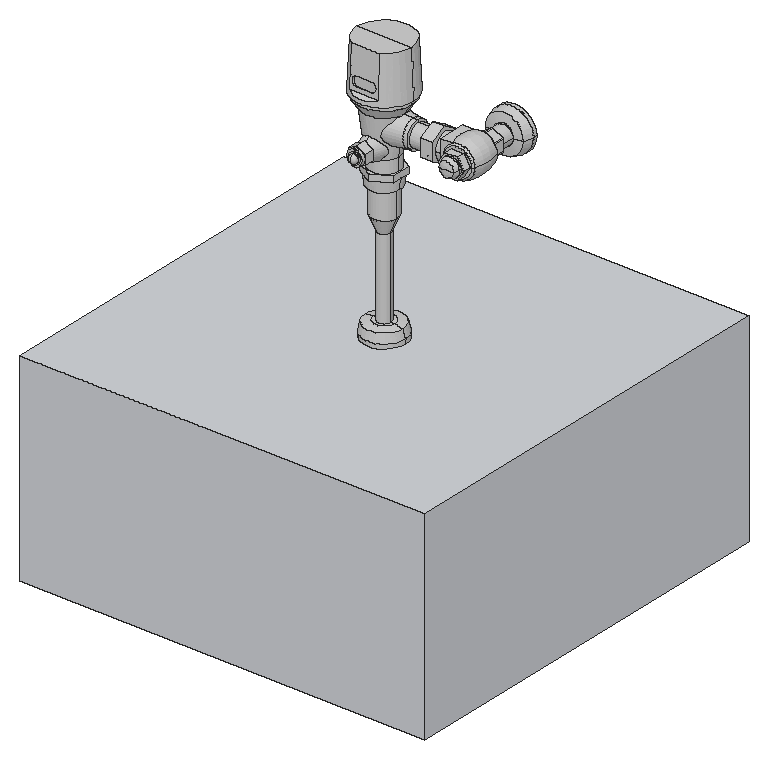
Revit family
Parameters
  Width = 0' - 8 1/4"
  Waste Connection = no
  WFU = 0
  Vent Connection = no
  Valve Type = "3/4” IPS angle stop (vandal resistant)"
  URL = "www.moencommercial.com"
  Sensor Type = "Infrared"
  Power Source = "Battery (4xAA)"
  Model = "8315"
  Manufacturer = "Moen"
  Length = 0' - 6 1/4"
  Keynote = "15410"
  Height = 1' - 4"
  HWFU = 0
  HW Connection = no
  Flush Rate = "0.5 GPF"
  Finish = Moen-Chrome
  Domestic Water Flow Rate = 3 GPM
  Documentation Link = "http://www.moen.com/shared/pdf/commercial/8315sp.pdf"
  Description = "3/4 “ Battery Powered Exposed Style Urinal Flush Valve"
  Default Elevation = 1' - 6"
  Cold Water Connection Diameter = 0' 0 3/4"  # 3/4"
  CWFU = 2  # constant formula
  Assembly Code = "D2010200"
  ADA Compliant = yes
Reference planes (in)
  plane 1 "Center (Front/Back)": y = 0
  plane 2: z = 0
  plane 3 "Center (Left/Right)": x = 0
  plane 4: z = 16
  plane 5 "Wall Line": y = 3.52
Forms (in)
  Extrusion 1, solid
    sketch origin (0, 0, 0) x (1, 0, 0) y (0, 1, 0)
      loop
        line (-12, 12) -> (-12, -12) -> (12, -12) -> (12, 12) -> (-12, 12)
    from 0 to -12
Lines and regions (in)
  Masking region 1
    outline origin (0, 0, 0) x (1, 0, 0) y (0, 1, 0)
      loop
        arc (0.5, -1.67705) -> (1.11174, -1.35149) -> (1.54916, -0.81401) r 1.75
        line (1.54916, -0.81401) -> (1.72, -0.79) -> (2, -0.79) -> (2, -0.66115) -> (2.89, -0.66115) -> (2.89, -0.875) -> (3.6, -0.875) -> (3.6, -0.75034) -> (3.92882, -0.75034) -> (4.019, -0.75034) -> (4.019, -0.8) -> (4.16104, -0.8) -> (4.259, -0.93) -> (4.37731, -0.93) -> (4.37731, -1.4) -> (4.549, -1.4) -> (4.549, -1.51) -> (4.669, -1.76)
        arc (4.669, -1.76) -> (5.099, -1.84106) -> (5.529, -1.76) r 1.18106
        line (5.529, -1.76) -> (5.649, -1.51) -> (5.649, -1.4) -> (5.82069, -1.4) -> (5.82069, -0.93) -> (5.939, -0.93) -> (6.039, -0.8)
        arc (6.039, -0.8) -> (6.15693, 0) -> (6.039, 0.8) r 2.77234
        line (6.039, 0.8) -> (5.899, 0.8) -> (5.799, 0.9) -> (5.799, 1.03) -> (5.719, 1.03) -> (5.719, 1.66) -> (5.6614, 1.66) -> (5.6614, 2.46) -> (5.724, 2.46) -> (6.229, 2.55) -> (6.379, 3.08) -> (6.379, 3.32) -> (3.819, 3.32) -> (3.819, 3.08) -> (3.969, 2.55) -> (4.474, 2.46) -> (4.539, 2.46) -> (4.539, 1.66) -> (4.479, 1.66) -> (4.479, 1.03) -> (4.399, 1.03) -> (4.399, 0.9) -> (4.299, 0.8) -> (4.019, 0.8) -> (4.019, 0.75034) -> (3.92882, 0.75034) -> (3.6, 0.75034) -> (3.6, 0.875) -> (2.89, 0.875) -> (2.89, 0.66115) -> (2, 0.66115) -> (2, 0.79) -> (1.72, 0.79) -> (1.54916, 0.81401)
        arc (1.54916, 0.81401) -> (-1.35149, 1.11174) -> (-0.5, -1.67705) r 1.75
        line (-0.5, -1.67705) -> (-0.5, -2.02) -> (-0.45, -2.02) -> (-0.45, -2.19) -> (-0.32, -2.19) -> (-0.32, -2.26) -> (-0.23516, -2.26)
        arc (-0.23516, -2.26) -> (0, -2.49516) -> (0.23516, -2.26) r 0.23516
        line (0.23516, -2.26) -> (0.32, -2.26) -> (0.32, -2.19) -> (0.45, -2.19) -> (0.45, -2.02) -> (0.5, -2.02) -> (0.5, -1.67705)
  symbolic lines
    curve 1: arc (0.82755, -1.37317, 0) -> (0, 1.60326, 0) -> (-0.82755, -1.37317, 0) r 1.60326
    curve 2: line (-0.82755, -1.37317, 0) -> (0.82755, -1.37317, 0)
    curve 3: spline (0.5, -1.66469, 0) -> (0.41968, -1.68713, 0) -> (0.33773, -1.70562, 0) -> (0.25446, -1.72007, 0) -> (0.17019, -1.73043, 0) -> (0.08526, -1.73667, 0) -> (0, -1.73875, 0) -> (-0.08526, -1.73667, 0) -> (-0.17019, -1.73044, 0) -> (-0.25446, -1.72007, 0) -> (-0.33773, -1.70562, 0) -> (-0.41968, -1.68714, 0) -> (-0.5, -1.66469, 0)
    curve 4: line (-0.45, -2.02, 0) -> (0.45, -2.02, 0)
    curve 5: line (0.3164, -2.19, 0) -> (-0.32327, -2.19, 0)
    curve 6: line (2, -0.66, 0) -> (2, 0.66, 0)
    curve 7: line (2.89, 0.66, 0) -> (2.89, -0.66, 0)
    curve 8: line (3.6, -0.75, 0) -> (3.6, 0.75, 0)
    curve 9: arc (1.54916, -0.81401, 0) -> (1.75, 0, 0) -> (1.54916, 0.81401, 0) r 1.75
    curve 10: line (0.86209, -1.5, 0) -> (-0.86209, -1.5, 0)
    curve 11: line (0.82755, -1.37317, 0) -> (0.86209, -1.5, 0)
    curve 12: line (-0.86209, -1.5, 0) -> (-0.82755, -1.37317, 0)
    curve 13: line (-0.23516, -2.26, 0) -> (0.24, -2.26, 0)
    curve 14: arc (4.71823, -0.8, 0) -> (4.46481, 0, 0) -> (4.71823, 0.8, 0) r 1.38942
    curve 15: line (4.73816, -0.93, 0) -> (4.73816, -1.4, 0)
    curve 16: line (5.45984, -0.93, 0) -> (5.45984, -1.4, 0)
    curve 17: line (5.529, -1.76, 0) -> (4.669, -1.76, 0)
    curve 18: line (5.649, -1.51, 0) -> (4.549, -1.51, 0)
    curve 19: line (4.50758, 1.66, 0) -> (4.50758, 1.03, 0)
    curve 20: line (5.07042, 1.03, 0) -> (5.07042, 1.66, 0)
    curve 21: line (5.07042, 1.03, 0) -> (4.50758, 1.03, 0)
    curve 22: line (5.12758, 1.66, 0) -> (5.12758, 1.03, 0)
    curve 23: line (5.69042, 1.03, 0) -> (5.12758, 1.03, 0)
    curve 24: line (5.69042, 1.03, 0) -> (5.69042, 1.66, 0)
    curve 25: line (5.799, 0.9, 0) -> (4.399, 0.9, 0)
    curve 26: line (6.229, 2.55, 0) -> (3.969, 2.55, 0)
    curve 27: line (6.379, 3.08, 0) -> (3.819, 3.08, 0)
    curve 28: line (4.019, 0.75034, 0) -> (4.019, -0.75, 0)
    curve 29: line (4.549, -1.4, 0) -> (5.649, -1.4, 0)
    curve 30: line (4.37731, -0.93, 0) -> (5.82069, -0.93, 0)
    curve 31: line (4.159, -0.8, 0) -> (6.039, -0.8, 0)
    curve 32: line (4.299, 0.8, 0) -> (5.899, 0.8, 0)
    curve 33: line (4.539, 1.66, 0) -> (5.659, 1.66, 0)
    curve 34: line (4.539, 2.46, 0) -> (5.6614, 2.46, 0)
Text (in)
  text "Height Parameter does not control Model geometry.  If you need to change the size of the model, select the correct model number." at (1.70246, 0, 22.99516), in view "Front"
Dimensions and locks (in)
  "Height": plane 4 to plane 2
  aligned and locked: plane 2 to Extrusion 1
  aligned and locked: level to Extrusion 1
  aligned: plane 1 "Center (Front/Back)" to nested 3
  aligned: nested 3 to nested 2
  aligned: nested 3 to nested 3
  aligned and locked: nested 1 to plane 2
  aligned and locked: nested 2 to nested 1
  aligned and locked: plane 3 "Center (Left/Right)" to nested 2
  aligned and locked: nested 3 to nested 2
  aligned and locked: plane 1 "Center (Front/Back)" to nested 3
  aligned and locked: nested 2 to nested 3
  aligned and locked: plane 5 "Wall Line" to nested 3
Automatic sketch dimensions
  Extrusion 1 sketch curve to Extrusion 1 sketch curve = 2' - 0"  (x2)
  Masking region 1 sketch curve to Masking region 1 sketch curve = 0' - 0"  (x3)
  plane 1 "Center (Front/Back)" to Masking region 1 sketch curve = 0' - 0"  (x2)
  Masking region 1 sketch curve to plane 3 "Center (Left/Right)" = 0' - 0"  (x2)
  Masking region 1 sketch curve to plane 3 "Center (Left/Right)" = 0' - 0.23516"
  Masking region 1 sketch curve to Masking region 1 sketch curve = 0' - 0.08484"  (x2)
  Masking region 1 sketch curve to Masking region 1 sketch curve = 0' - 0.13"  (x5)
  Masking region 1 sketch curve to Masking region 1 sketch curve = 0' - 0.05"  (x2)
  Masking region 1 sketch curve to Masking region 1 sketch curve = 0' - 1.04916"
  plane 3 "Center (Left/Right)" to Masking region 1 sketch curve = 0' - 1.54916"
  plane 1 "Center (Front/Back)" to Masking region 1 sketch curve = 0' - 0.79"
  Masking region 1 sketch curve to Masking region 1 sketch curve = 0' - 0.17084"  (x2)
  Masking region 1 sketch curve to plane 1 "Center (Front/Back)" = 0' - 0.79"
  Masking region 1 sketch curve to Masking region 1 sketch curve = 0' - 0.28"  (x3)
  Masking region 1 sketch curve to Masking region 1 sketch curve = 0' - 0.89"  (x2)
  Masking region 1 sketch curve to Masking region 1 sketch curve = 0' - 0.49459"
  Masking region 1 sketch curve to Masking region 1 sketch curve = 0' - 0.71"  (x2)
  Masking region 1 sketch curve to plane 5 "Wall Line" = 0' - 0.44"
  Masking region 1 sketch curve to Masking region 1 sketch curve = 0' - 0.219"
  Masking region 1 sketch curve to Masking region 1 sketch curve = 0' - 0.32882"  (x2)
  Masking region 1 sketch curve to plane 5 "Wall Line" = 0' - 0.97"
  Masking region 1 sketch curve to Masking region 1 sketch curve = 0' - 0.09018"  (x2)
  plane 1 "Center (Front/Back)" to Masking region 1 sketch curve = 0' - 0.8"
  Masking region 1 sketch curve to Masking region 1 sketch curve = 0' - 0.14204"
  plane 1 "Center (Front/Back)" to Masking region 1 sketch curve = 0' - 0.93"
  Masking region 1 sketch curve to Masking region 1 sketch curve = 0' - 0.09796"
  Masking region 1 sketch curve to plane 1 "Center (Front/Back)" = 0' - 0.8"
  Masking region 1 sketch curve to Masking region 1 sketch curve = 0' - 0.11831"  (x2)
  Masking region 1 sketch curve to Masking region 1 sketch curve = 0' - 0.1"  (x4)
  Masking region 1 sketch curve to Masking region 1 sketch curve = 0' - 0.08"  (x2)
  Masking region 1 sketch curve to Masking region 1 sketch curve = 0' - 0.065"
  Masking region 1 sketch curve to Masking region 1 sketch curve = 0' - 1.1224"
  Masking region 1 sketch curve to Masking region 1 sketch curve = 0' - 0.0576"
  Masking region 1 sketch curve to plane 5 "Wall Line" = 0' - 1.06"
  Masking region 1 sketch curve to Masking region 1 sketch curve = 0' - 0.0626"
  Masking region 1 sketch curve to plane 1 "Center (Front/Back)" = 0' - 0.9"
  Masking region 1 sketch curve to Masking region 1 sketch curve = 0' - 0.17169"  (x2)
  Masking region 1 sketch curve to Masking region 1 sketch curve = 0' - 0.505"  (x2)
  Masking region 1 sketch curve to plane 5 "Wall Line" = 0' - 0.2"
  Masking region 1 sketch curve to Masking region 1 sketch curve = 0' - 0.47"
  Masking region 1 sketch curve to Masking region 1 sketch curve = 0' - 0.11"  (x2)
  plane 1 "Center (Front/Back)" to Masking region 1 sketch curve = 0' - 1.67705"
  Masking region 1 sketch curve to Masking region 1 sketch curve = 0' - 0.34295"  (x2)
  Masking region 1 sketch curve to Masking region 1 sketch curve = 0' - 0.17"  (x2)
  Masking region 1 sketch curve to Masking region 1 sketch curve = 0' - 0.07"
  plane 1 "Center (Front/Back)" to Masking region 1 sketch curve = 0' - 0 7/8"
  Masking region 1 sketch curve to Masking region 1 sketch curve = 0' - 0.12466"
  Masking region 1 sketch curve to Masking region 1 sketch curve = 0' - 0.21385"  (x2)
  Masking region 1 sketch curve to plane 1 "Center (Front/Back)" = 0' - 0.66115"
  Masking region 1 sketch curve to Masking region 1 sketch curve = 0' - 0.04966"
  Masking region 1 sketch curve to Masking region 1 sketch curve = 0' - 0.63"  (x2)
  Masking region 1 sketch curve to Masking region 1 sketch curve = 0' - 0.15"  (x2)
  Masking region 1 sketch curve to Masking region 1 sketch curve = 0' - 0.09"  (x2)
  Masking region 1 sketch curve to Masking region 1 sketch curve = 0' - 0.24"
  Masking region 1 sketch curve to Masking region 1 sketch curve = 0' - 0.14"
  plane 1 "Center (Front/Back)" to Masking region 1 sketch curve = 0' - 0.66"
  Masking region 1 sketch curve to Masking region 1 sketch curve = 0' - 0.72169"
  Masking region 1 sketch curve to Masking region 1 sketch curve = 0' - 0.83"
  Masking region 1 sketch curve to Masking region 1 sketch curve = 0' - 0.12"  (x2)
  plane 1 "Center (Front/Back)" to Masking region 1 sketch curve = 0' - 1.76"
  Masking region 1 sketch curve to Masking region 1 sketch curve = 0' - 0 1/4"  (x2)
  curve 1 to curve 9 = 0' - 0"  (x2)
  plane 1 "Center (Front/Back)" to curve 1 = 0' - 0"
  curve 1 to plane 3 "Center (Left/Right)" = 0' - 0"
  curve 3 to plane 3 "Center (Left/Right)" = 0' - 0"
  curve 13 to plane 3 "Center (Left/Right)" = 0' - 0.23516"
  curve 5 to curve 13 = 0' - 0.08811"
  curve 4 to curve 5 = 0' - 0.12673"
  curve 3 to curve 4 = 0' - 0.05"
  curve 1 to curve 3 = 0' - 0.32755"
  curve 10 to curve 2 = 0' - 0.03454"
  curve 3 to curve 1 = 0' - 0.53784"
  plane 3 "Center (Left/Right)" to curve 13 = 0' - 0.24"
  curve 13 to curve 5 = 0' - 0.0764"
  curve 5 to curve 4 = 0' - 0.1336"
  curve 4 to curve 3 = 0' - 0.05"
  curve 2 to curve 11 = 0' - 0.03454"
  curve 2 to curve 9 = 0' - 0.72161"
  curve 9 to plane 1 "Center (Front/Back)" = 0' - 0.81401"
  plane 3 "Center (Left/Right)" to curve 9 = 0' - 1.54916"
  curve 9 to curve 6 = 0' - 0.45084"
  curve 6 to curve 7 = 0' - 0.89"
  curve 7 to curve 8 = 0' - 0.71"
  curve 27 to plane 5 "Wall Line" = 0' - 0.44"
  curve 8 to curve 27 = 0' - 0.219"
  curve 27 to curve 26 = 0' - 0.15"
  curve 8 to curve 28 = 0' - 0.419"
  curve 28 to curve 31 = 0' - 0.14"
  curve 28 to curve 32 = 0' - 0.28"
  curve 31 to curve 30 = 0' - 0.21831"
  curve 32 to curve 25 = 0' - 0.1"  (x2)
  curve 25 to curve 19 = 0' - 0.10858"
  curve 26 to curve 34 = 0' - 0.57"
  curve 19 to curve 33 = 0' - 0.03142"
  curve 30 to curve 29 = 0' - 0.17169"
  curve 18 to curve 29 = 0' - 0"
  curve 18 to curve 17 = 0' - 0.12"
  curve 30 to curve 14 = 0' - 0.34092"
  curve 19 to curve 14 = 0' - 0.21066"
  curve 29 to curve 15 = 0' - 0.18916"
  curve 14 to curve 20 = 0' - 0.35219"
  curve 20 to curve 22 = 0' - 0.05715"
  curve 15 to curve 16 = 0' - 0.72169"
  curve 16 to curve 17 = 0' - 0.06916"
  curve 16 to curve 18 = 0' - 0.18916"
  curve 29 to curve 18 = 0' - 0"
  curve 22 to curve 33 = 0' - 0.53142"
  curve 33 to curve 34 = 0' - 0.0024"
  curve 22 to curve 24 = 0' - 0.56285"
  curve 23 to curve 25 = 0' - 0.10858"
  curve 16 to curve 30 = 0' - 0.36084"
  plane 1 "Center (Front/Back)" to curve 14 = 0' - 0"
  curve 25 to curve 14 = 0' - 0.05523"
  curve 25 to curve 32 = 0' - 0.1"
  curve 30 to curve 31 = 0' - 0.21831"
  curve 34 to curve 26 = 0' - 0.5676"
  curve 26 to curve 27 = 0' - 0.15"
  plane 1 "Center (Front/Back)" to curve 15 = 0' - 0.93"
  curve 1 to curve 9 = 0' - 0.55916"
  curve 16 to curve 16 = 0' - 0.47"
  curve 10 to curve 2 = 0' - 0.12683"
  curve 18 to curve 29 = 0' - 0.11"
  curve 3 to curve 10 = 0' - 0.16469"
  curve 17 to curve 18 = 0' - 0 1/4"
  curve 4 to curve 3 = 0' - 0.35531"
  curve 5 to curve 4 = 0' - 0.17"
  curve 13 to curve 5 = 0' - 0.07"
  curve 15 to curve 14 = 0' - 0.13"
  curve 31 to curve 8 = 0' - 0.05"
  curve 31 to curve 28 = 0' - 0.05"
  plane 1 "Center (Front/Back)" to curve 3 = 0' - 0.67257"
  curve 9 to curve 6 = 0' - 0.15401"
  plane 1 "Center (Front/Back)" to curve 7 = 0' - 0.66"
  curve 7 to plane 1 "Center (Front/Back)" = 0' - 0.66"
  curve 6 to curve 9 = 0' - 0.15401"
  curve 8 to curve 32 = 0' - 0.05"
  curve 28 to curve 32 = 0' - 0.04966"
  curve 14 to curve 22 = 0' - 0.23"
  curve 25 to curve 21 = 0' - 0.13"
  curve 23 to curve 33 = 0' - 0.63"
  curve 33 to curve 24 = 0' - 0"
  curve 19 to curve 33 = 0' - 0"
  curve 33 to curve 34 = 0' - 0.8"
  curve 26 to curve 27 = 0' - 0.53"
Nested families (in)
  nested 1: "Vertical Piping - 0.75in" at (0, 0, 0), type "Vertical Piping - 0.75in"
  nested 2: "Flush Valve" at (0, 0, 8.54), type "Flush Valve"
    with Finish Moen-Chrome
  nested 3: "Supply Elbow - 0.75in" at (5.099, 3.32, 11.39), type "Supply Elbow - 0.75in"
Connectors (in)
  piping at (5.099, 3.52, 11.39), driven by "Domestic Water Flow Rate"
    settings: on nested 3, index 1
Definition of nested family "Vertical Piping - 0.75in"
  Parameters
    Finish [instance] = Moen-Chrome
  Reference planes (in)
    plane 1 "Center (Front/Back)": y = 0
    plane 2: z = 0
    plane 3 "Center (Left/Right)": x = 0
    plane 4 "Extents of Vertical Piping": z = 9.1
    plane 5 "Bottom of Nut": z = 8.115
    plane 6 "Top of Escutcheon": z = 0.86
    plane 7 "Smaller Straight Pipe Radius": x = -0.375
    plane 8 "Top Inner Depth": z = 8.54
    plane 9 "Larger Straight Pipe Radius": x = -0.75
    plane 10: z = 5.61
    plane 11: z = 6.5
  Forms (in)
    Revolve 1, solid, material "Moen-Chrome" <- "Finish"
      sketch origin (0, 0, 0) x (1, 0, 0) y (0, 0, 1)
        loop
          line (0, 0) -> (0, 9.1) -> (-1, 9.1) -> (-1, 8.725) -> (-0.94, 8.115) -> (-0.75, 8.115) -> (-0.75, 6.5) -> (-0.375, 5.61) -> (-0.375, 0.86) -> (-0.625, 0.86) -> (-1.125, 0.77) -> (-1.25, 0.25) -> (-1.25, 0) -> (0, 0)
        axis (0, 9.1) -> (0, 0)
      angle from 0 to 360
    Extrusion 2, solid, material "Moen-Chrome" <- "Finish"
      sketch origin (0, 0, 9.1) x (-1, 0, 0) y (0, -1, 0)
        loop
          line (-1, -0.57735) -> (0, -1.1547) -> (1, -0.57735) -> (1, 0.57735) -> (0, 1.1547) -> (-1, 0.57735) -> (-1, -0.57735)
      from 0 to -0.375
    Extrusion 3, void
      sketch origin (0, 0, 9.1) x (-1, 0, 0) y (0, -1, 0)
        loop
          circle (0, 0) r 0.88
      from 0 to -0.56
  Cuts and joins
    Extrusion 3 cuts Revolve 1
    Extrusion 3 cuts Extrusion 2
    joined: Revolve 1, Extrusion 2
  Dimensions and locks (in)
    plane 7 "Smaller Straight Pipe Radius" to plane 3 "Center (Left/Right)" = 0' - 0 3/8"
    locked: plane 4 "Extents of Vertical Piping" to plane 2 at 9.1
    plane 4 "Extents of Vertical Piping" to plane 5 "Bottom of Nut" = 0' - 0.985"
    plane 6 "Top of Escutcheon" to plane 2 = 0' - 0.86"
    locked: plane 3 "Center (Left/Right)" to Revolve 1 sketch curve at 1
    locked: plane 4 "Extents of Vertical Piping" to Revolve 1 sketch curve at 0.375
    plane 4 "Extents of Vertical Piping" to plane 8 "Top Inner Depth" = 0' - 0.56"
    locked: Revolve 1 sketch curve to plane 2 at 0.25
    locked: plane 3 "Center (Left/Right)" to Revolve 1 sketch curve at 1.25
    Revolve 1 sketch curve to plane 2 = 0' - 0.77"
    locked: plane 3 "Center (Left/Right)" to Revolve 1 sketch curve at 1.125
    locked: plane 3 "Center (Left/Right)" to Revolve 1 sketch curve at 0.625
    locked: plane 3 "Center (Left/Right)" to Revolve 1 sketch curve at 0.94
    locked: plane 10 to plane 2 at 5.61
    locked: plane 11 to plane 2 at 6.5
    radius of Extrusion 3 sketch curve = 0' - 0.88"
    aligned and locked: plane 2 to Revolve 1 sketch curve
    aligned and locked: plane 3 "Center (Left/Right)" to Revolve 1 sketch curve
    aligned and locked: plane 4 "Extents of Vertical Piping" to Revolve 1 sketch curve
    aligned and locked: plane 7 "Smaller Straight Pipe Radius" to Revolve 1 sketch curve
    aligned and locked: Revolve 1 sketch curve to plane 3 "Center (Left/Right)"
    aligned and locked: Revolve 1 sketch curve to plane 6 "Top of Escutcheon"
    aligned and locked: plane 5 "Bottom of Nut" to Revolve 1 sketch curve
    aligned and locked: cut or joined group of Revolve 1, Extrusion 2, Extrusion 3 to plane 8 "Top Inner Depth"
    aligned and locked: Revolve 1 sketch curve to plane 9 "Larger Straight Pipe Radius"
    aligned and locked: plane 10 to Revolve 1 sketch curve
    aligned and locked: plane 11 to Revolve 1 sketch curve
Definition of nested family "Flush Valve"
  Parameters (values of type "Flush Valve")
    Finish [instance] = Moen-Chrome
    Assembly Code = ""
  Reference planes (in)
    plane 1 "Center (Front/Back)": y = 0
    plane 2: z = 0
    plane 3 "Center (Left/Right)": x = 0
    plane 4 "Flush Vavle Height": z = 7.35
    plane 5 "Bottom of Sensor": z = 4.55
    plane 6 "To Supply Elbow": z = 2.85
    plane 7 "Center Nut": z = 1.87
    plane 8 "Sensor Center": z = 5.45
    plane 9 "Right Side Extents": x = 3.6
    plane 10 "Sensor Flat": y = -1.5
    plane 11 "Center Nut Front": y = -2.5
    plane 12 "Center Nut Back": y = 1.5
  Forms (in)
    Revolve 1, solid, material "Moen-Chrome" <- "Finish"
      sketch origin (0, 0, 0) x (1, 0, 0) y (0, 0, 1)
        loop
          line (0, 0) -> (0, 7.35) -> (-1.60326, 7.35) -> (-1.75, 4.55) -> (-1.63, 4.55) -> (-1.63, 4.3) -> (-1.22, 3.7) -> (-0.88, 1.3) -> (-0.88, 0) -> (0, 0)
        axis (0, 7.35) -> (0, 0)
      angle from 0 to 360
    Revolve 2, solid, material "Moen-Chrome" <- "Finish"
      sketch origin (0, 0, 0) x (1, 0, 0) y (0, 0, 1)
        loop
          line (0.5, 2.85) -> (0.5, 1.88854) -> (1.72, 2.06) -> (2, 2.06) -> (2, 2.19) -> (3.6, 2.19) -> (3.6, 2.85) -> (0.5, 2.85)
        axis (0.5, 2.85) -> (3.6, 2.85)
      angle from 0 to 360
    Revolve 3, solid, material "Moen-Chrome" <- "Finish"
      sketch origin (0, 0, 0) x (0, 1, 0) y (0, 0, 1)
        loop
          arc (-2.5, 1.87) -> (-2.42971, 1.70029) -> (-2.26, 1.63) r 0.24
          line (-2.26, 1.63) -> (-2.26, 1.55) -> (-2.19, 1.55) -> (-2.19, 1.42) -> (-1.47, 1.42) -> (-1.47, 1.37) -> (-0.53699, 1.12) -> (0.46699, 1.12) -> (1.4, 1.37) -> (1.5, 1.37) -> (1.5, 1.87) -> (-2.5, 1.87)
        axis (1.5, 1.87) -> (-2.5, 1.87)
      angle from 0 to 360
    Extrusion 4, void
      sketch origin (0, 0, 0) x (0, 1, 0) y (0, 0, 1)
        loop
          line (-1.75, 4.55) -> (-1.75, 4.73) -> (-1.5, 4.93) -> (-1.37317, 7.35) -> (-2, 7.35) -> (-2, 4.55) -> (-1.75, 4.55)
      from 1.5 to -1.5
    Extrusion 5, solid, material "Moen-Chrome" <- "Finish"
      sketch origin (3.6, 0, 0) x (0, 0, 1) y (0, -1, 0)
        loop
          line (2.34482, 0.875) -> (1.83964, 0) -> (2.34482, -0.875) -> (3.35518, -0.875) -> (3.86036, 0) -> (3.35518, 0.875) -> (2.34482, 0.875)
      from 0 to -0.71
    Extrusion 6, solid, material "Moen-Chrome" <- "Finish"
      sketch origin (0, -1.47, 1.87) x (-1, 0, 0) y (0, 0, -1)
        loop
          line (0.5, 0.28868) -> (0, 0.57735) -> (-0.5, 0.28868) -> (-0.5, -0.28868) -> (0, -0.57735) -> (0.5, -0.28868) -> (0.5, 0.28868)
      from 0 to 0.55
    Extrusion 7, void
      sketch origin (0, 0, 0) x (1, 0, 0) y (0, 0, 1)
        loop
          arc (-0.4, 5.76) -> (-0.71, 5.45) -> (-0.4, 5.14) r 0.31
          line (-0.4, 5.14) -> (0.4, 5.14)
          arc (0.4, 5.14) -> (0.71, 5.45) -> (0.4, 5.76) r 0.31
          line (0.4, 5.76) -> (-0.4, 5.76)
      from 1.4 to 1.6
    Extrusion 8, void
      sketch origin (3.6, 0, 0) x (0, 0, 1) y (0, -1, 0)
        loop
          circle (2.85, 0) r 0.75
      from 0 to -0.591
  Cuts and joins
    Extrusion 4, Extrusion 7, Extrusion 8 cuts Revolve 1
    Extrusion 4, Extrusion 7, Extrusion 8 cuts Revolve 2
    Extrusion 4, Extrusion 7, Extrusion 8 cuts Revolve 3
    Extrusion 8 cuts Extrusion 5
    Extrusion 8 cuts Extrusion 6
    joined: Revolve 1, Revolve 2, Revolve 3, Extrusion 5, Extrusion 6
  Dimensions and locks (in)
    locked: plane 4 "Flush Vavle Height" to plane 2 at 7.35
    locked: plane 12 "Center Nut Back" to plane 1 "Center (Front/Back)" at 1.5
    locked: plane 11 "Center Nut Front" to plane 1 "Center (Front/Back)" at 2.5
    locked: plane 7 "Center Nut" to plane 2 at 1.87
    locked: plane 6 "To Supply Elbow" to plane 2 at 2.85
    locked: plane 9 "Right Side Extents" to plane 3 "Center (Left/Right)" at 3.6
    locked: plane 5 "Bottom of Sensor" to plane 2 at 4.55
    locked: plane 8 "Sensor Center" to plane 5 "Bottom of Sensor" at 0.9
    locked: plane 10 "Sensor Flat" to plane 1 "Center (Front/Back)" at 1.5
    locked: plane 3 "Center (Left/Right)" to Revolve 1 sketch curve at 1.75
    locked: plane 3 "Center (Left/Right)" to Revolve 1 sketch curve at 0.88
    locked: plane 3 "Center (Left/Right)" to Revolve 1 sketch curve at 1.22
    locked: plane 3 "Center (Left/Right)" to Revolve 1 sketch curve at 1.63
    locked: plane 5 "Bottom of Sensor" to Revolve 1 sketch curve at 0.25
    locked: Revolve 1 sketch curve to plane 2 at 3.7
    locked: plane 6 "To Supply Elbow" to Revolve 2 sketch curve at 0.66
    locked: Revolve 2 sketch curve to Revolve 2 sketch curve at 0.79
    locked: plane 9 "Right Side Extents" to Revolve 2 sketch curve at 1.6
    locked: Revolve 2 sketch curve to Revolve 2 sketch curve at 0.28
    locked: Revolve 2 sketch curve to plane 3 "Center (Left/Right)" at 0.5
    locked: plane 7 "Center Nut" to Revolve 3 sketch curve at 0.75
    locked: plane 7 "Center Nut" to Revolve 3 sketch curve at 0.5  (x2)
    locked: plane 7 "Center Nut" to Revolve 3 sketch curve at 0.45
    locked: plane 7 "Center Nut" to Revolve 3 sketch curve at 0.32
    locked: plane 11 "Center Nut Front" to Revolve 3 sketch curve at 0.24
    locked: plane 11 "Center Nut Front" to Revolve 3 sketch curve at 0.31
    locked: plane 11 "Center Nut Front" to Revolve 3 sketch curve at 1.03
    locked: Revolve 3 sketch curve to plane 12 "Center Nut Back" at 0.1
    locked: Revolve 3 sketch curve to plane 1 "Center (Front/Back)" at 0.53699
    locked: plane 1 "Center (Front/Back)" to Revolve 3 sketch curve at 0.46699
    locked: Extrusion 4 sketch curve to plane 5 "Bottom of Sensor" at 0.38
    locked: Extrusion 4 sketch curve to plane 5 "Bottom of Sensor" at 0.18
    locked: Extrusion 4 sketch curve to plane 10 "Sensor Flat" at 0.5
    locked: Extrusion 4 sketch curve to Extrusion 4 sketch curve at 0.25
    equal spacing: Extrusion 7 sketch curve, plane 3 "Center (Left/Right)", Extrusion 7 sketch curve, locked at 0.4 each
    locked: Extrusion 7 sketch curve to Extrusion 7 sketch curve at 0.8
    locked: Revolve 1 sketch curve to plane 2 at 1.3
    radius of Revolve 3 sketch curve = 0' - 0.24"
    radius of Extrusion 7 sketch curve = 0' - 0.31"  (x2)
    radius of Extrusion 8 sketch curve = 0' - 0 3/4"
    locked: Revolve 2 sketch curve to Revolve 2 sketch curve (angle 82.00°)
    locked: plane 1 "Center (Front/Back)" to Revolve 3 sketch curve (angle 75.00°)
    locked: Revolve 3 sketch curve to plane 1 "Center (Front/Back)" (angle 75.00°)
    locked: plane 5 "Bottom of Sensor" to Revolve 1 sketch curve (angle 87.00°)
    locked: plane 5 "Bottom of Sensor" to Extrusion 4 sketch curve (angle 87.00°)
    aligned and locked: plane 3 "Center (Left/Right)" to Revolve 1 sketch curve
    aligned and locked: plane 4 "Flush Vavle Height" to Revolve 1 sketch curve
    aligned and locked: plane 2 to Revolve 1 sketch curve
    aligned and locked: plane 5 "Bottom of Sensor" to Revolve 1 sketch curve
    aligned and locked: Revolve 1 sketch curve to plane 3 "Center (Left/Right)"
    aligned and locked: Revolve 2 sketch curve to plane 9 "Right Side Extents"
    aligned and locked: Revolve 2 sketch curve to plane 6 "To Supply Elbow"  (x2)
    aligned and locked: plane 7 "Center Nut" to Revolve 3 sketch curve
    aligned and locked: Revolve 3 sketch curve to plane 7 "Center Nut"
    aligned and locked: plane 12 "Center Nut Back" to Revolve 3 sketch curve
    aligned and locked: plane 11 "Center Nut Front" to Revolve 3 sketch curve
    aligned and locked: cut or joined group of Revolve 1, Revolve 2, Revolve 3, Extrusion 4, Extrusion 5, Extrusion 6, Extrusion 7, Extrusion 8 to Extrusion 4 sketch curve
    aligned and locked: plane 4 "Flush Vavle Height" to Extrusion 4 sketch curve
    aligned and locked: plane 5 "Bottom of Sensor" to Extrusion 4 sketch curve
Definition of nested family "Supply Elbow - 0.75in"
  Parameters
    Finish [instance] = Moen-Chrome
  Reference planes (in)
    plane 1 "Center (Front/Back)": y = 0
    plane 2: z = 0
    plane 3 "Center (Left/Right)": x = 0
    plane 4 "Elbow Extents": y = -5.16
    plane 5 "90deg Centerline": y = -3.32
    plane 6 "Supply Connection": y = 0.2
    plane 7 "90deg Extents": x = -2.09
    plane 8 "Straight Pipe Radius": x = -0.56
    plane 9 "90deg Flat": x = -1.08
    plane 10 "90deg Revolve Start": y = -2.52
    plane 11 "90deg Revolve End": y = -4.12
    plane 12: z = 0.86
    plane 13: z = -0.86
  Forms (in)
    Revolve 1, solid, material "Moen-Chrome" <- "Finish"
      sketch origin (0, 0, 0) x (1, 0, 0) y (0, 1, 0)
        loop
          line (-0.56, -0.86) -> (-0.56, -2.29) -> (-0.7, -2.29) -> (-0.7, -2.42) -> (-0.8, -2.52) -> (-0.94, -2.52)
          arc (-0.94, -2.52) -> (-1.06665, -3.32) -> (-0.94, -4.12) r 2.59
          line (-0.94, -4.12) -> (-0.84, -4.25) -> (-0.55, -4.25) -> (-0.55, -4.83) -> (-0.43, -5.08)
          arc (-0.43, -5.08) -> (-0.21879, -5.14062) -> (0, -5.16106) r 1.18106
          line (0, -5.16106) -> (0, 0) -> (-1.28, 0) -> (-1.28, -0.24) -> (-1.13, -0.77) -> (-0.625, -0.86) -> (-0.56, -0.86)
        axis (0, 0) -> (0, -5.16106)
      angle from 0 to 360
    Extrusion 2, solid, material "Moen-Chrome" <- "Finish"
      sketch origin (-1.08, 0, 0) x (0, -1, 0) y (0, 0, 1)
        loop
          line (2.52, 0.86) -> (2.52, -0.86) -> (4.12, -0.86) -> (4.12, 0.86) -> (2.52, 0.86)
      from 0 to -1.08
    Extrusion 3, solid, material "Moen-Chrome" <- "Finish"
      sketch origin (-1.08, 0, 0) x (0, -1, 0) y (0, 0, 1)
        loop
          circle (3.32, 0) r 0.75
      from 0 to 1.01
    Extrusion 4, solid, material "Moen-Chrome" <- "Finish"
      sketch origin (0, 0, 0) x (1, 0, 0) y (0, 0, 1)
        loop
          circle (0, 0) r 0.56
      from 0 to -0.2
    Extrusion 5, solid, material "Moen-Chrome" <- "Finish"
      sketch origin (0, -4.22, 0) x (-1, 0, 0) y (0, 0, -1)
        loop
          line (0.36084, -0.625) -> (0.72169, 0) -> (0.36084, 0.625) -> (-0.36084, 0.625) -> (-0.72169, 0) -> (-0.36084, -0.625) -> (0.36084, -0.625)
      from 0 to 0.5
    Extrusion 6, solid, material "Moen-Chrome" <- "Finish"
      sketch origin (0, -2.29, 0) x (0, 0, -1) y (-1, 0, 0)
        loop
          line (-0.35796, 0.62) -> (-0.71591, 0) -> (-0.35796, -0.62) -> (0.35796, -0.62) -> (0.71591, 0) -> (0.35796, 0.62) -> (-0.35796, 0.62)
      from 0 to 0.63
    Extrusion 7, void
      sketch origin (0, -2.29, 0) x (0, 0, 1) y (-1, 0, 0)
        loop
          line (0, -0.7) -> (0, -0.8)
          arc (0, -0.8) -> (0.8, 0) -> (0, 0.8) r 0.8
          line (0, 0.8) -> (0, 0.7)
          arc (0, 0.7) -> (0.7, 0) -> (0, -0.7) r 0.7
      from 0 to -0.63
    Extrusion 8, void
      sketch origin (0, -2.29, 0) x (0, 0, -1) y (1, 0, 0)
        loop
          arc (0, 0.7) -> (0.7, 0) -> (0, -0.7) r 0.7
          line (0, -0.7) -> (0, -0.8)
          arc (0, -0.8) -> (0.8, 0) -> (0, 0.8) r 0.8
          line (0, 0.8) -> (0, 0.7)
      from 0 to -0.63
  Cuts and joins
    Extrusion 7, Extrusion 8 cuts Revolve 1
    Extrusion 7, Extrusion 8 cuts Extrusion 2
    Extrusion 7, Extrusion 8 cuts Extrusion 3
    Extrusion 7, Extrusion 8 cuts Extrusion 4
    Extrusion 7, Extrusion 8 cuts Extrusion 5
    Extrusion 7, Extrusion 8 cuts Extrusion 6
    joined: Revolve 1, Extrusion 2, Extrusion 3, Extrusion 4, Extrusion 5, Extrusion 6
  Dimensions and locks (in)
    locked: plane 6 "Supply Connection" to plane 1 "Center (Front/Back)" at 0.2
    locked: plane 7 "90deg Extents" to plane 3 "Center (Left/Right)" at 2.09
    locked: plane 5 "90deg Centerline" to plane 1 "Center (Front/Back)" at 3.32
    locked: plane 4 "Elbow Extents" to plane 1 "Center (Front/Back)" at 5.16
    locked: plane 8 "Straight Pipe Radius" to plane 3 "Center (Left/Right)" at 0.56
    locked: plane 9 "90deg Flat" to plane 3 "Center (Left/Right)" at 1.08
    equal spacing: plane 12, plane 2, plane 13, locked at 0.86 each
    locked: plane 12 to plane 13 at 1.72
    equal spacing: plane 10 "90deg Revolve Start", plane 5 "90deg Centerline", plane 11 "90deg Revolve End", locked at 0.8 each
    locked: plane 10 "90deg Revolve Start" to plane 11 "90deg Revolve End" at 1.6
    locked: Revolve 1 sketch curve to plane 3 "Center (Left/Right)" at 0.43
    locked: Revolve 1 sketch curve to plane 3 "Center (Left/Right)" at 0.55
    locked: Revolve 1 sketch curve to plane 3 "Center (Left/Right)" at 0.8
    locked: Revolve 1 sketch curve to plane 3 "Center (Left/Right)" at 0.94  (x2)
    locked: Revolve 1 sketch curve to plane 3 "Center (Left/Right)" at 0.84
    locked: Revolve 1 sketch curve to plane 11 "90deg Revolve End" at 0.13
    locked: Revolve 1 sketch curve to Revolve 1 sketch curve at 0.58
    locked: Revolve 1 sketch curve to Revolve 1 sketch curve at 0.83
    locked: Revolve 1 sketch curve to plane 3 "Center (Left/Right)" at 1.28
    locked: Revolve 1 sketch curve to plane 3 "Center (Left/Right)" at 1.13
    locked: Revolve 1 sketch curve to plane 3 "Center (Left/Right)" at 0.625
    locked: Revolve 1 sketch curve to plane 1 "Center (Front/Back)" at 0.24
    locked: Revolve 1 sketch curve to plane 1 "Center (Front/Back)" at 0.77
    locked: Revolve 1 sketch curve to plane 1 "Center (Front/Back)" at 0.86
    locked: Revolve 1 sketch curve to plane 10 "90deg Revolve Start" at 0.1
    locked: Revolve 1 sketch curve to Revolve 1 sketch curve at 0.13
    locked: Revolve 1 sketch curve to plane 3 "Center (Left/Right)" at 0.7
    equal spacing: Extrusion 6 sketch curve, plane 3 "Center (Left/Right)", Extrusion 6 sketch curve, locked at 0.62 each
    locked: Extrusion 6 sketch curve to Extrusion 6 sketch curve at 1.24
    radius of Extrusion 4 sketch curve = 0' - 0.56"
    radius of Revolve 1 sketch curve = 0' - 1.18106"
    radius of Revolve 1 sketch curve = 0' - 2.59"
    aligned and locked: plane 3 "Center (Left/Right)" to Revolve 1 sketch curve
    aligned and locked: Revolve 1 sketch curve to plane 3 "Center (Left/Right)"
    aligned and locked: plane 10 "90deg Revolve Start" to Extrusion 2 sketch curve
    aligned and locked: Extrusion 2 sketch curve to plane 12
    aligned and locked: plane 13 to Extrusion 2 sketch curve
    aligned and locked: Extrusion 2 sketch curve to plane 11 "90deg Revolve End"
    aligned and locked: plane 3 "Center (Left/Right)" to Extrusion 2
    aligned and locked: Extrusion 3 to plane 7 "90deg Extents"
    aligned and locked: plane 6 "Supply Connection" to Extrusion 4
    aligned and locked: Revolve 1 sketch curve to plane 10 "90deg Revolve Start"
    aligned and locked: plane 8 "Straight Pipe Radius" to Revolve 1 sketch curve
    aligned and locked: plane 11 "90deg Revolve End" to Revolve 1 sketch curve
    aligned and locked: Extrusion 7 sketch curve to cut or joined group of Revolve 1, Extrusion 2, Extrusion 3, Extrusion 4, Extrusion 5, Extrusion 6, Extrusion 7, Extrusion 8
  Automatic sketch dimensions
    Extrusion 3 sketch curve to level = 0' - 0"
    Extrusion 3 sketch curve to plane 5 "90deg Centerline" = 0' - 0"
    plane 1 "Center (Front/Back)" to Revolve 1 sketch curve = 0' - 0"
    Revolve 1 sketch curve to Revolve 1 sketch curve = 0' - 0.29894"
    plane 6 "Supply Connection" to Revolve 1 sketch curve = 0' - 0.24"
    Extrusion 4 sketch curve to level = 0' - 0"
    Extrusion 4 sketch curve to plane 3 "Center (Left/Right)" = 0' - 0"
    Extrusion 5 sketch curve to level = 0' - 0"  (x2)
    plane 3 "Center (Left/Right)" to Extrusion 5 sketch curve = 0' - 0.72169"
    plane 3 "Center (Left/Right)" to Extrusion 5 sketch curve = 0' - 0.36084"  (x2)
    Extrusion 5 sketch curve to plane 8 "Straight Pipe Radius" = 0' - 0.19916"  (x2)
    plane 8 "Straight Pipe Radius" to Extrusion 5 sketch curve = 0' - 0.16169"
    Extrusion 5 sketch curve to plane 12 = 0' - 0.235"
    plane 13 to Extrusion 5 sketch curve = 0' - 0.235"
    Revolve 1 to Extrusion 6 sketch curve = 0' - 0.71591"
    Revolve 1 to Extrusion 6 sketch curve = 0' - 0.35796"  (x2)
    Extrusion 6 sketch curve to Revolve 1 = 0' - 0.35796"  (x2)
    Extrusion 6 sketch curve to Extrusion 6 sketch curve = 0' - 0.35796"
    Extrusion 6 sketch curve to Extrusion 6 sketch curve = 0' - 0.62"  (x2)
    Extrusion 7 sketch curve to Extrusion 7 sketch curve = 0' - 0"
    Extrusion 7 sketch curve to Extrusion 7 sketch curve = 0' - 0.1"
    Extrusion 8 sketch curve to Extrusion 8 sketch curve = 0' - 0"
    Extrusion 8 sketch curve to Extrusion 8 sketch curve = 0' - 0.1"
    radius of Extrusion 3 sketch curve = 0' - 0 3/4"
    radius of Extrusion 8 sketch curve to Revolve 1 = 0' - 0"
